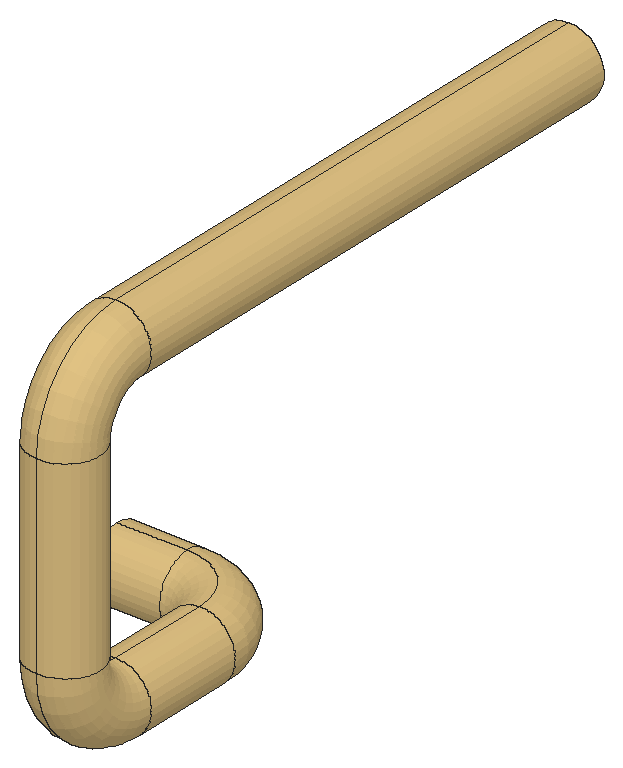
Revit family "CC4_FIXING HOOK CC_1870099", category Generic Models, Revit 2018
Family settings
  Can host rebar = No
  Round Connector Dimension = Use Diameter
  Part Type = Normal
  OmniClass Number = 35.51.14.00
  OmniClass Title = FORMWORK
  Work Plane-Based = Yes
  Always vertical = No
  Cut with Voids When Loaded = No
  Shared = Yes
  Room Calculation Point = No
Parameters
  VERSION = "20170217"  # constant formula
  URL = "www.ulmaconstruction.com/en"
  UNICLASS = ""
  Manufacturer = "ULMA CONSTRUCTION"  # constant formula
  ITEM_CODE = "1870099"
  FILTER [instance] = ""
  Default Elevation = 0.000 mm
  CLASSIFICATION_TITLE = ""
  CLASSIFICATION_NUMBER = ""
Reference planes
  plane 1 "Centro (Frontal/Posterior)": y = 0
  plane 2: z = 0
  plane 3 "Centro (Izquierda/Derecha)": x = 0
  plane 4 "01": z = -78
  plane 5 "02": x = -53
  plane 6 "03": z = -133
Forms (mm)
  Sweep 1, solid, material "ULMA BICHROMATE"
    path in 3D
      loop
        line (-53, 68, -78) -> (-53, -29, -78)
        arc (-53, -29, -78) -> (-53, -36.778, -81.222) -> (-53, -40, -89) r 11
        line (-53, -40, -89) -> (-53, -40, -122)
        arc (-53, -40, -122) -> (-53, -36.778, -129.778) -> (-53, -29, -133) r 11
        line (-53, -29, -133) -> (-53, -11, -133)
        arc (-53, -11, -133) -> (-56.222, -3.222, -133) -> (-64, 0, -133) r 11
        line (-64, 0, -133) -> (-81, 0, -133)
    profile origin (-53, 19.5, -78) x (0, 0, -1) y (1, 0, 0)
      loop
        circle (0, 0) r 6
  Revolve 2, void
    sketch origin (0, 0, -133) x (0, -1, 0) y (1, 0, 0)
      loop
        line (-6, -76) -> (-6, -81) -> (-1, -81) -> (-6, -76)
      axis (0, -76) -> (0, -81)
    angle from 0 to 360
Cuts and joins
  Revolve 2 cuts Sweep 1
Lines and regions (mm)
  reference lines
    curve 1: line (-53, 68, -78) -> (-53, -29, -78)
    curve 2: arc (-53, -29, -78) -> (-53, -36.778, -81.222) -> (-53, -40, -89) r 11
    curve 3: line (-53, -40, -89) -> (-53, -40, -122)
    curve 4: arc (-53, -40, -122) -> (-53, -36.778, -129.778) -> (-53, -29, -133) r 11
    curve 5: line (-53, -29, -133) -> (-53, -11, -133)
    curve 6: line (-64, 0, -133) -> (-81, 0, -133)
    curve 7: arc (-53, -11, -133) -> (-56.222, -3.222, -133) -> (-64, 0, -133) r 11
  sketch lines
    curve 8: line (-53, 68, -78) -> (-53, -29, -78)
    curve 9: arc (-53, -29, -78) -> (-53, -36.778, -81.222) -> (-53, -40, -89) r 11
    curve 10: line (-53, -40, -89) -> (-53, -40, -122)
    curve 11: arc (-53, -40, -122) -> (-53, -36.778, -129.778) -> (-53, -29, -133) r 11
    curve 12: line (-53, -29, -133) -> (-53, -11, -133)
    curve 13: arc (-53, -11, -133) -> (-56.222, -3.222, -133) -> (-64, 0, -133) r 11
    curve 14: line (-64, 0, -133) -> (-81, 0, -133)
Dimensions and locks
  aligned and locked: level to plane 2
